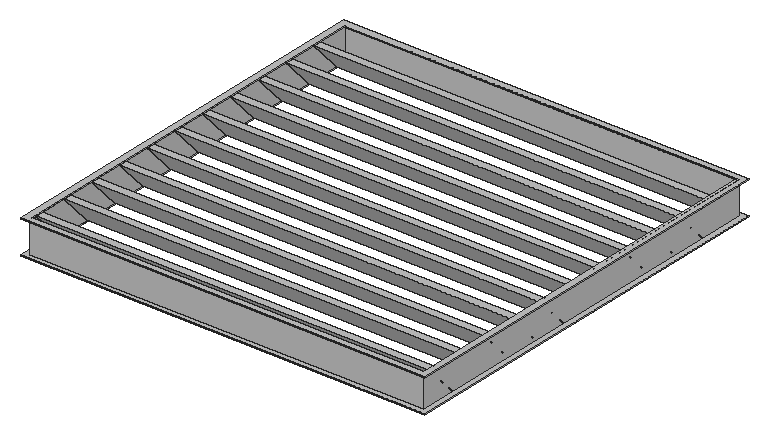
Revit family "Louver-Channel_Frame-Carnes-Backdraft_Damper-Supply_FPQB", category Air Terminals, host Face, Revit 2012
Parameters (values of type "(See Type Catalog)")
  ecoScorecard_data = ""
  ecoScorecard Product Page = "http://ecoscorecard.com/"
  Wall Thickness Cut [instance] = 9.03516"
  URL = "http://www.carnes.com/index.html"
  Subcategory = "Louvers and Dampers"
  Specifications  URL = "http://www.carnes.com/Louvers/pdf/30097.pdf"
  Product Page URL = "http://www.carnes.com/Louvers/FPQB-FTQB.htm"
  Product Line = "Combination Louver / Backdraft Damper"
  Pressure Drop = 0.00 Pa
  Outside Width = Louver Width Control + 0.75" * 2  # 49.50"
  Outside Height = Louver Height Control + 0.75" * 2  # 49.50"
  Model = "FPQB"
  Minimum Size = "12\"W x 12\"H"
  Meets Building Code Standards = "See Catalog URL"
  Maximum Size Note = "60\"W x 120\"H"
  Manufacturer = "Carnes Company"
  Louver Width Control = if(Louver Width < 12.00", 12.00", if(Louver Width > 60.00", 60.00", Louver Width))  # 48.00"
  Louver Height Control = if(Louver Height < 12.00", 12.00", if(Louver Height > 120.00", 120.00", Louver Height))  # 48.00"
  Free Area Note = "See Spec Sheet URL"
  Free Area = 0.00 SF
  Description = "Combination Louver / Backdraft Damper"
  Connector Description 1 = "Duct Connetor"
  Blades Quantity [instance] = (Louver Height Control - (Blade Offset from Frame - 0.75")) / 4.25"  # 11
  Manufacturer Phone = "608-845-6411"
  Manufacturer Fax = "608-845-6470"
  Manufacturer Email = "mailto:carnes@carnes.com"
  Manufacturer Address = "448 S. Main St., P. O. Box 930040, Verona, WI 53593-0040"
  Louver Width = 48.00"
  Louver Length = 4.16016"
  Louver Height = 48.00"
  Blades Length [instance] = Louver Length - (0.13" * 2)  # 3.90016"
  Frame Material = Aluminum - Carnes - Extruded
  Default Elevation = 48.00"
  Cost Info = "mailto:carnes@carnes.com"
  Catalog URL = "http://www.carnes.com/Louvers/pdf/f40-41.pdf"
  Symbol Blades Quantity = Louver Width / 4.25"  # 11
  Blade Offset from Frame [instance] = 3.50"
  Blade Material = Aluminum - Carnes - Extruded
  Assembly Code = "D3090700"
  Airflow = 0 CFM
  95 CSI = "10200"
  04 CSI = "08 91 00"
Reference planes (in)
  plane 1 "Center (Elevation)": y = 0
  plane 2: z = 0
  plane 3 "Center (Left/Right)": x = 0
  plane 4 "Rear": z = -4.16016
  plane 5: z = -0.125
  plane 6: z = -4.03516
  plane 7: z = -2.08008
  plane 8: x = -24
  plane 9: x = 24
  plane 10: x = -24.75
  plane 11: x = 24.75
  plane 12: y = 24
  plane 13: y = -24
  plane 14: y = 24.75
  plane 15: y = -24.75
  plane 16 "Blade CL": y = 21.25
  plane 17: z = -9.03516
Forms (in)
  Extrusion 1, solid, material "Aluminum - Carnes - Extruded" <- "Frame Material"
    sketch origin (0, 0, 0) x (1, 0, 0) y (0, 1, 0)
      loop
        line (-24.75, 24.75) -> (-24.75, -24.75) -> (24.75, -24.75) -> (24.75, 24.75) -> (-24.75, 24.75)
      loop
        line (-24, 24) -> (-24, -24) -> (24, -24) -> (24, 24) -> (-24, 24)
    from -0.125 to 0
  Extrusion 2, solid, material "Aluminum - Carnes - Extruded" <- "Frame Material"
    sketch origin (0, 0, 0) x (1, 0, 0) y (0, 1, 0)
      loop
        line (-24.75, 24.75) -> (-24.75, -24.75) -> (24.75, -24.75) -> (24.75, 24.75) -> (-24.75, 24.75)
      loop
        line (-24, 24) -> (-24, -24) -> (24, -24) -> (24, 24) -> (-24, 24)
    from -4.16016 to -4.03516
  Extrusion 3, solid, material "Aluminum - Carnes - Extruded" <- "Frame Material"
    sketch origin (0, 0, 0) x (1, 0, 0) y (0, 1, 0)
      loop
        line (-24, 24) -> (-24, -24) -> (24, -24) -> (24, 24) -> (-24, 24)
      loop
        line (-24.125, 24.125) -> (-24.125, -24.125) -> (24.125, -24.125) -> (24.125, 24.125) -> (-24.125, 24.125)
    from -4.03516 to -0.125
  Sweep 4, void
    path origin (0, 0, 0) x (0, 1, 0) y (0, 0, 1)
      loop
        line (0, 0) -> (0, -9.03516)
    profile origin (0, 0, -4.51758) x (1, 0, 0) y (0, 1, 0)
      loop
        line (-24.75, 24.75) -> (-24.75, -24.75) -> (24.75, -24.75) -> (24.75, 24.75) -> (-24.75, 24.75)
Lines and regions (in)
  Masking region 1, detail levels coarse
    outline origin (0, 0, 0) x (1, 0, 0) y (0, 0, 1)
      loop
        line (24.75, 0) -> (-24.75, 0) -> (-24.75, -4.16016) -> (24.75, -4.16016) -> (24.75, 0)
  Masking region 2, detail levels medium+fine
    outline origin (0, 0, 0) x (1, 0, 0) y (0, 0, 1)
      loop
        line (24.75, 0) -> (-24.75, 0) -> (-24.75, -0.125) -> (-24.125, -0.125) -> (-24.125, -4.03516) -> (-24.75, -4.03516) -> (-24.75, -4.16016) -> (24.75, -4.16016) -> (24.75, -4.03516) -> (24.125, -4.03516) -> (24.125, -0.125) -> (24.75, -0.125) -> (24.75, 0)
  symbolic lines, detail levels fine
    curve 1: line (24.125, 0, -0.125) -> (-24.125, 0, -0.125)
    curve 2: line (24.125, 0, -4.03516) -> (-24.125, 0, -4.03516)
  symbolic lines
    curve 3: line (24, 0, -0.1875) -> (23.52861, 0, -0.1875)
    curve 4: line (21.47501, 0, -3.97516) -> (22.50249, 0, -2.08008)
    curve 5: line (22.50249, 0, -2.08008) -> (23.52861, 0, -0.1875)
    curve 6: line (21.47501, 0, -3.97516) -> (20.94248, 0, -3.97516)
    curve 7: line (19.75, 0, -0.1875) -> (19.27861, 0, -0.1875)
    curve 8: line (17.22501, 0, -3.97516) -> (18.25249, 0, -2.08008)
    curve 9: line (18.25249, 0, -2.08008) -> (19.27861, 0, -0.1875)
    curve 10: line (17.22501, 0, -3.97516) -> (16.69248, 0, -3.97516)
    curve 11: line (15.5, 0, -0.1875) -> (15.02861, 0, -0.1875)
    curve 12: line (12.97501, 0, -3.97516) -> (14.00249, 0, -2.08008)
    curve 13: line (14.00249, 0, -2.08008) -> (15.02861, 0, -0.1875)
    curve 14: line (12.97501, 0, -3.97516) -> (12.44248, 0, -3.97516)
    curve 15: line (11.25, 0, -0.1875) -> (10.77861, 0, -0.1875)
    curve 16: line (8.72501, 0, -3.97516) -> (9.75249, 0, -2.08008)
    curve 17: line (9.75249, 0, -2.08008) -> (10.77861, 0, -0.1875)
    curve 18: line (8.72501, 0, -3.97516) -> (8.19248, 0, -3.97516)
    curve 19: line (7, 0, -0.1875) -> (6.52861, 0, -0.1875)
    curve 20: line (4.47501, 0, -3.97516) -> (5.50249, 0, -2.08008)
    curve 21: line (5.50249, 0, -2.08008) -> (6.52861, 0, -0.1875)
    curve 22: line (4.47501, 0, -3.97516) -> (3.94248, 0, -3.97516)
    curve 23: line (2.75, 0, -0.1875) -> (2.27861, 0, -0.1875)
    curve 24: line (0.22501, 0, -3.97516) -> (1.25249, 0, -2.08008)
    curve 25: line (1.25249, 0, -2.08008) -> (2.27861, 0, -0.1875)
    curve 26: line (0.22501, 0, -3.97516) -> (-0.30752, 0, -3.97516)
    curve 27: line (-1.5, 0, -0.1875) -> (-1.97139, 0, -0.1875)
    curve 28: line (-4.02499, 0, -3.97516) -> (-2.99751, 0, -2.08008)
    curve 29: line (-2.99751, 0, -2.08008) -> (-1.97139, 0, -0.1875)
    curve 30: line (-4.02499, 0, -3.97516) -> (-4.55752, 0, -3.97516)
    curve 31: line (-5.75, 0, -0.1875) -> (-6.22139, 0, -0.1875)
    curve 32: line (-8.27499, 0, -3.97516) -> (-7.24751, 0, -2.08008)
    curve 33: line (-7.24751, 0, -2.08008) -> (-6.22139, 0, -0.1875)
    curve 34: line (-8.27499, 0, -3.97516) -> (-8.80752, 0, -3.97516)
    curve 35: line (-10, 0, -0.1875) -> (-10.47139, 0, -0.1875)
    curve 36: line (-12.52499, 0, -3.97516) -> (-11.49751, 0, -2.08008)
    curve 37: line (-11.49751, 0, -2.08008) -> (-10.47139, 0, -0.1875)
    curve 38: line (-12.52499, 0, -3.97516) -> (-13.05752, 0, -3.97516)
    curve 39: line (-14.25, 0, -0.1875) -> (-14.72139, 0, -0.1875)
    curve 40: line (-16.77499, 0, -3.97516) -> (-15.74751, 0, -2.08008)
    curve 41: line (-15.74751, 0, -2.08008) -> (-14.72139, 0, -0.1875)
    curve 42: line (-16.77499, 0, -3.97516) -> (-17.30752, 0, -3.97516)
    curve 43: line (-18.5, 0, -0.1875) -> (-18.97139, 0, -0.1875)
    curve 44: line (-21.02499, 0, -3.97516) -> (-19.99751, 0, -2.08008)
    curve 45: line (-19.99751, 0, -2.08008) -> (-18.97139, 0, -0.1875)
    curve 46: line (-21.02499, 0, -3.97516) -> (-21.55752, 0, -3.97516)
Dimensions and locks (in)
  equal spacing: plane 15, plane 1 "Center (Elevation)", plane 14
  locked: plane 2 to plane 5 at 0.125
  locked: plane 6 to plane 4 "Rear" at 0.125
  "Louver Length": plane 2 to plane 4 "Rear"
  equal spacing: plane 5, plane 7, plane 6
  "Blade Offset from Frame": plane 14 to plane 16 "Blade CL"
  "Outside Height": plane 14 to plane 15
  equal spacing: plane 8, plane 3 "Center (Left/Right)", plane 9
  "Louver Width": plane 8 to plane 9
  equal spacing: plane 10, plane 3 "Center (Left/Right)", plane 11
  "Outside Width": plane 10 to plane 11
  equal spacing: plane 13, plane 1 "Center (Elevation)", plane 12
  "Louver Height": plane 13 to plane 12
  locked: curve 3 to plane 5 at 0.0625
  equal spacing: group 1, group 2, group 3, group 4, group 5, group 6, group 7, group 8, group 9, group 10, group 22  (x2)
  equal spacing: group 22, group 10, group 9, group 8, group 7, group 6, group 5, group 4, group 3, group 2, group 1
  locked: nested 1 to nested 2 at 4.25
  plane 6 to curve 6 = 0.06"
  equal spacing: group 21, group 20, group 19, group 18, group 17, group 16, group 15, group 14, group 13, group 12, group 11
  equal spacing: group 11, group 12, group 13, group 14, group 15, group 16, group 17, group 18, group 19, group 20, group 21  (x2)
  locked: curve 5 to curve 9 at 4.25
  locked: curve 6 to plane 11 at 3.80752
  "Wall Thickness Cut": plane 2 to plane 17
  aligned and locked: plane 2 to host face
  aligned and locked: host face to level
  aligned and locked: plane 10 to Extrusion 1 sketch curve
  aligned and locked: Extrusion 1 sketch curve to plane 14
  aligned and locked: plane 15 to Extrusion 1 sketch curve
  aligned and locked: plane 11 to Extrusion 1 sketch curve
  aligned and locked: plane 8 to Extrusion 1 sketch curve
  aligned and locked: Extrusion 1 sketch curve to plane 12
  aligned and locked: plane 13 to Extrusion 1 sketch curve
  aligned and locked: plane 9 to Extrusion 1 sketch curve
  aligned and locked: Extrusion 1 to plane 5
  aligned and locked: plane 2 to Extrusion 1
  aligned and locked: Extrusion 2 sketch curve to Extrusion 1  (x6)
  aligned and locked: Extrusion 1 to Extrusion 2 sketch curve  (x2)
  aligned and locked: plane 6 to Extrusion 2
  aligned and locked: Extrusion 2 to plane 4 "Rear"
  aligned and locked: plane 8 to Extrusion 3 sketch curve
  aligned and locked: Extrusion 3 sketch curve to Extrusion 1  (x3)
  aligned and locked: plane 5 to Extrusion 3
  aligned and locked: Extrusion 3 to plane 6
  aligned and locked: plane 11 to Masking region 1 sketch curve
  aligned and locked: Masking region 1 sketch curve to plane 2
  aligned and locked: plane 4 "Rear" to Masking region 1 sketch curve
  aligned and locked: plane 10 to Masking region 1 sketch curve
  aligned and locked: Masking region 2 sketch curve to level
  aligned and locked: Masking region 2 sketch curve to plane 11  (x2)
  aligned and locked: plane 5 to Masking region 2 sketch curve  (x2)
  aligned and locked: Masking region 2 sketch curve to Extrusion 3  (x2)
  aligned and locked: plane 6 to Masking region 2 sketch curve  (x2)
  aligned and locked: plane 4 "Rear" to Masking region 2 sketch curve
  aligned and locked: Masking region 2 sketch curve to plane 10  (x2)
  aligned and locked: Extrusion 3 to curve 1  (x2)
  aligned and locked: curve 1 to plane 5
  aligned and locked: Extrusion 3 to curve 2  (x2)
  aligned and locked: curve 2 to plane 6
  aligned and locked: plane 3 "Center (Left/Right)" to nested 1
  aligned and locked: plane 7 to nested 1
  aligned and locked: nested 1 to plane 16 "Blade CL"
  aligned and locked: plane 9 to curve 3
  aligned and locked: plane 2 to Sweep 4 sketch curve
  aligned and locked: plane 17 to Sweep 4 sketch curve
  aligned and locked: Sweep 4 sketch curve to plane 1 "Center (Elevation)"
  aligned and locked: Sweep 4 sketch curve to plane 14
  aligned and locked: Sweep 4 sketch curve to plane 15
  aligned and locked: plane 10 to Sweep 4 sketch curve
  aligned and locked: plane 11 to Sweep 4 sketch curve
Automatic sketch dimensions
  Extrusion 3 sketch curve to plane 8 = 0.125"
  Extrusion 3 sketch curve to plane 9 = 0.125"
  plane 13 to Extrusion 3 sketch curve = 0.125"
  plane 12 to Extrusion 3 sketch curve = 0.125"
  host sketch curve to host sketch curve = 122.28147"
  host sketch curve to host sketch curve = 100.01977"
  curve 4 to curve 5 = 2.1557"  (x3)
  curve 4 to curve 5 = 2.15285"  (x4)
  curve 3 to curve 3 = 0.47139"  (x3)
  curve 6 to curve 6 = 0.53253"
  curve 4 to curve 4 = 2.1557"  (x2)
  curve 4 to curve 3 = 2.15285"  (x2)
  curve 6 to curve 4 = 0.53253"
  curve 6 to curve 5 = 2.45458"
Nested families (in)
  nested 1: "Louver-Carnes-Drainable_Blade" at (0, 20.875, -2.08008), type "Standard"
    with Width 48.00"
  nested 2: "Louver-Carnes-Drainable_Blade" at (0, 16.625, -2.08008), type "Standard"
    with Width 48.00"
  nested 3: "Louver-Carnes-Drainable_Blade" at (0, 12.375, -2.08008), type "Standard"
    with Width 48.00"
  nested 4: "Louver-Carnes-Drainable_Blade" at (0, 8.125, -2.08008), type "Standard"
    with Width 48.00"
  nested 5: "Louver-Carnes-Drainable_Blade" at (0, 3.875, -2.08008), type "Standard"
    with Width 48.00"
  nested 6: "Louver-Carnes-Drainable_Blade" at (0, -0.375, -2.08008), type "Standard"
    with Width 48.00"
  nested 7: "Louver-Carnes-Drainable_Blade" at (0, -4.625, -2.08008), type "Standard"
    with Width 48.00"
  nested 8: "Louver-Carnes-Drainable_Blade" at (0, -8.875, -2.08008), type "Standard"
    with Width 48.00"
  nested 9: "Louver-Carnes-Drainable_Blade" at (0, -13.125, -2.08008), type "Standard"
    with Width 48.00"
  nested 10: "Louver-Carnes-Drainable_Blade" at (0, -17.375, -2.08008), type "Standard"
    with Width 48.00"
  nested 11: "Louver-Carnes-Drainable_Blade" at (0, -21.625, -2.08008), type "Standard"
    with Width 48.00"
Connectors (in)
  hvac at (0, 0, -4.16016), driven by "Louver Height Control", driven by "Louver Width Control", driven by "Connector Description 1", driven by "Airflow", driven by "Pressure Drop"
    settings: on Extrusion 2, index 1, duct flow 0 CFM, flow factor 0, pres drop 0.00 Pa, loss coef 0, conn angle 0.00°, conn width 48", conn height 48", conn radius 12", duct sys type 1, conn prof type 1, flow config 0, flow direction 1, loss method 0, conn ref index -1, conn util no, is conn primary yes, conn desc "Duct Connetor"
Definition of nested family "Louver-Carnes-Drainable_Blade"
  Parameters (values of type "Standard")
    Width = 51.00"
    Height = 3.91"
    Blade Material = Aluminum - Carnes - Extruded
    Length = 4.16016"
    Assembly Code = ""
  Reference planes (in)
    plane 1 "Center (Front/Back)": y = 0.375
    plane 2: z = 0
    plane 3 "Center (Left/Right)": x = 0
    plane 4: y = 2.45508
    plane 5: y = -1.70508
    plane 6: z = 1.955
    plane 7: z = -1.955
    plane 8: x = -25.5
    plane 9: x = 25.5
  Forms (in)
    Sweep 1, solid, material "Aluminum - Carnes - Extruded" <- "Blade Material"
      path origin (-0.375, 0.375, 0) x (0, -1, 0) y (1, 0, 0)
        loop
          line (0, -25.125) -> (0, 25.875)
      profile origin (0, 0.375, 0) x (0, 1, 0) y (0, 0, 1)
        loop
          line (2.08008, -1.68742) -> (1.95508, -1.68742) -> (1.95508, -1.83) -> (1.5617, -1.83) -> (-1.79503, 1.82917) -> (-1.1242, 1.82917) -> (-1.1242, 1.955) -> (-2.08008, 1.955) -> (1.50674, -1.955) -> (2.08008, -1.955) -> (2.08008, -1.68742)
  Dimensions and locks (in)
    equal spacing: plane 6, plane 2, plane 7
    equal spacing: plane 8, plane 3 "Center (Left/Right)", plane 9
    "Width": plane 8 to plane 9
    equal spacing: plane 4, plane 1 "Center (Front/Back)", plane 5
    "Length": plane 4 to plane 5
    "Height": plane 6 to plane 7
    aligned and locked: plane 8 to Sweep 1 sketch curve
    aligned and locked: plane 9 to Sweep 1 sketch curve
    aligned and locked: plane 1 "Center (Front/Back)" to Sweep 1 sketch curve
    aligned and locked: Sweep 1 sketch curve to plane 6
    aligned and locked: plane 7 to Sweep 1 sketch curve
    aligned and locked: plane 4 to Sweep 1 sketch curve
    aligned and locked: plane 2 to level
  Automatic sketch dimensions
    Sweep 1 sketch curve to Sweep 1 sketch curve = 0.67084"
    Sweep 1 sketch curve to Sweep 1 sketch curve = 0.05496"
    Sweep 1 sketch curve to Sweep 1 sketch curve = 0.125"  (x2)
    Sweep 1 sketch curve to Sweep 1 sketch curve = 0.14258"
    Sweep 1 sketch curve to Sweep 1 sketch curve = 0.12583"
    Sweep 1 sketch curve to Sweep 1 sketch curve = 0.39337"
    Sweep 1 sketch curve to Sweep 1 sketch curve = 0.28505"
    profile plane to Sweep 1 sketch curve = 1.1242"
